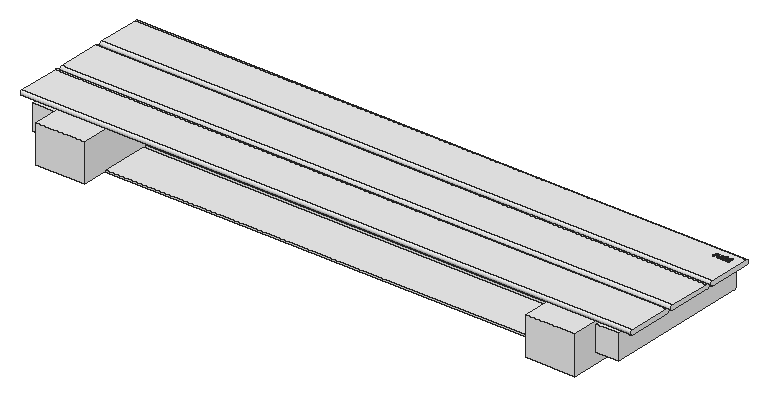
Revit family "Runtal-EB3-120D-120-Volts-36", category Mechanical Equipment, host Face, Revit 2026 (continued)
Definition of nested family "Family Grilles"
  Lines and regions (mm)
    model lines
      curve 454: circle (330.2, 19.05, 0) r 1.27 normal (0, 0, 1)
      curve 455: circle (330.2, 10.16, 0) r 1.27 normal (0, 0, 1)
      curve 456: circle (330.2, 1.27, 0) r 1.27 normal (0, 0, 1)
      curve 457: circle (335.28, 19.05, 0) r 1.27 normal (0, 0, 1)
      curve 458: circle (335.28, 10.16, 0) r 1.27 normal (0, 0, 1)
      curve 459: circle (335.28, 1.27, 0) r 1.27 normal (0, 0, 1)
      curve 460: circle (340.36, 19.05, 0) r 1.27 normal (0, 0, 1)
      curve 461: circle (340.36, 10.16, 0) r 1.27 normal (0, 0, 1)
      curve 462: circle (340.36, 1.27, 0) r 1.27 normal (0, 0, 1)
      curve 463: circle (345.44, 19.05, 0) r 1.27 normal (0, 0, 1)
      curve 464: circle (345.44, 10.16, 0) r 1.27 normal (0, 0, 1)
      curve 465: circle (345.44, 1.27, 0) r 1.27 normal (0, 0, 1)
      curve 466: circle (350.52, 19.05, 0) r 1.27 normal (0, 0, 1)
      curve 467: circle (350.52, 10.16, 0) r 1.27 normal (0, 0, 1)
      curve 468: circle (350.52, 1.27, 0) r 1.27 normal (0, 0, 1)
      curve 469: circle (355.6, 19.05, 0) r 1.27 normal (0, 0, 1)
      curve 470: circle (355.6, 10.16, 0) r 1.27 normal (0, 0, 1)
      curve 471: circle (355.6, 1.27, 0) r 1.27 normal (0, 0, 1)
      curve 472: circle (360.68, 19.05, 0) r 1.27 normal (0, 0, 1)
      curve 473: circle (360.68, 10.16, 0) r 1.27 normal (0, 0, 1)
      curve 474: circle (360.68, 1.27, 0) r 1.27 normal (0, 0, 1)
      curve 475: circle (365.76, 19.05, 0) r 1.27 normal (0, 0, 1)
      curve 476: circle (365.76, 10.16, 0) r 1.27 normal (0, 0, 1)
      curve 477: circle (365.76, 1.27, 0) r 1.27 normal (0, 0, 1)
      curve 478: circle (370.84, 19.05, 0) r 1.27 normal (0, 0, 1)
      curve 479: circle (370.84, 10.16, 0) r 1.27 normal (0, 0, 1)
      curve 480: circle (370.84, 1.27, 0) r 1.27 normal (0, 0, 1)
      curve 481: circle (375.92, 19.05, 0) r 1.27 normal (0, 0, 1)
      curve 482: circle (375.92, 10.16, 0) r 1.27 normal (0, 0, 1)
      curve 483: circle (375.92, 1.27, 0) r 1.27 normal (0, 0, 1)
      curve 484: circle (381, 19.05, 0) r 1.27 normal (0, 0, 1)
      curve 485: circle (381, 10.16, 0) r 1.27 normal (0, 0, 1)
      curve 486: circle (381, 1.27, 0) r 1.27 normal (0, 0, 1)
      curve 487: circle (386.08, 19.05, 0) r 1.27 normal (0, 0, 1)
      curve 488: circle (386.08, 10.16, 0) r 1.27 normal (0, 0, 1)
      curve 489: circle (386.08, 1.27, 0) r 1.27 normal (0, 0, 1)
      curve 490: circle (391.16, 19.05, 0) r 1.27 normal (0, 0, 1)
      curve 491: circle (391.16, 10.16, 0) r 1.27 normal (0, 0, 1)
      curve 492: circle (391.16, 1.27, 0) r 1.27 normal (0, 0, 1)
      curve 493: circle (396.24, 19.05, 0) r 1.27 normal (0, 0, 1)
      curve 494: circle (396.24, 10.16, 0) r 1.27 normal (0, 0, 1)
      curve 495: circle (396.24, 1.27, 0) r 1.27 normal (0, 0, 1)
      curve 496: circle (401.32, 19.05, 0) r 1.27 normal (0, 0, 1)
      curve 497: circle (401.32, 10.16, 0) r 1.27 normal (0, 0, 1)
      curve 498: circle (401.32, 1.27, 0) r 1.27 normal (0, 0, 1)
      curve 499: circle (406.4, 19.05, 0) r 1.27 normal (0, 0, 1)
      curve 500: circle (406.4, 10.16, 0) r 1.27 normal (0, 0, 1)
      curve 501: circle (406.4, 1.27, 0) r 1.27 normal (0, 0, 1)
      curve 502: circle (411.48, 19.05, 0) r 1.27 normal (0, 0, 1)
      curve 503: circle (411.48, 10.16, 0) r 1.27 normal (0, 0, 1)
      curve 504: circle (411.48, 1.27, 0) r 1.27 normal (0, 0, 1)
      curve 505: circle (416.56, 19.05, 0) r 1.27 normal (0, 0, 1)
      curve 506: circle (416.56, 10.16, 0) r 1.27 normal (0, 0, 1)
      curve 507: circle (416.56, 1.27, 0) r 1.27 normal (0, 0, 1)
      curve 508: circle (421.64, 19.05, 0) r 1.27 normal (0, 0, 1)
      curve 509: circle (421.64, 10.16, 0) r 1.27 normal (0, 0, 1)
      curve 510: circle (421.64, 1.27, 0) r 1.27 normal (0, 0, 1)
      curve 511: circle (426.72, 19.05, 0) r 1.27 normal (0, 0, 1)
      curve 512: circle (426.72, 10.16, 0) r 1.27 normal (0, 0, 1)
      curve 513: circle (426.72, 1.27, 0) r 1.27 normal (0, 0, 1)
    model lines, not visible
      curve 7: circle (2.54, 23.495, 0) r 1.27 normal (0, 0, 1)
      curve 8: circle (2.54, 14.605, 0) r 1.27 normal (0, 0, 1)
      curve 9: circle (2.54, 5.715, 0) r 1.27 normal (0, 0, 1)
      curve 10: circle (5.08, 19.05, 0) r 1.27 normal (0, 0, 1)
      curve 11: circle (5.08, 10.16, 0) r 1.27 normal (0, 0, 1)
      curve 12: circle (5.08, 1.27, 0) r 1.27 normal (0, 0, 1)
    model lines, detail levels fine
      curve 514: line (2.54, 24.765, 0) -> (0, 24.765, 0)
  Dimensions and locks
    "finLength": plane 3 "Center (Left/Right)" to plane 4
    equal spacing: group 1, group 5, group 9, group 10, group 11, group 12, group 13, group 14, group 15, group 16, group 17, group 18, group 19, group 20, group 21, group 22, group 23, group 24, group 25, group 26, group 27, group 28, group 29, group 30, group 31, group 32, group 33, group 34, group 35, group 36, group 37, group 38, group 39, group 40, group 41, group 42, group 43, group 44, group 45, group 46, group 47, group 48, group 49, group 50, group 51, group 52, group 53, group 54, group 55, group 56, group 57, group 58, group 59, group 60, group 61, group 62, group 63, group 64, group 65, group 66, group 67, group 68, group 69, group 70, group 71, group 72, group 73, group 74, group 75, group 76, group 77, group 78, group 79, group 80, group 81, group 82, group 83, group 84, group 85, group 86, group 87, group 88, group 89, group 90, group 91  (x3)
    equal spacing: group 3, group 6, group 7, group 8, group 92, group 93, group 94, group 95, group 96, group 97, group 98, group 99, group 100, group 101, group 102, group 103, group 104, group 105, group 106, group 107, group 108, group 109, group 110, group 111, group 112, group 113, group 114, group 115, group 116, group 117, group 118, group 119, group 120, group 121, group 122, group 123, group 124, group 125, group 126, group 127, group 128, group 129, group 130, group 131, group 132, group 133, group 134, group 135, group 136, group 137, group 138, group 139, group 140, group 141, group 142, group 143, group 144, group 145, group 146, group 147, group 148, group 149, group 150, group 151, group 152, group 153, group 154, group 155, group 156, group 157, group 158, group 159, group 160, group 161, group 162, group 163, group 164, group 165, group 166, group 167, group 168, group 169, group 170, group 171  (x3)
    aligned and locked: plane 2 to Extrusion 1
    aligned and locked: level to Extrusion 1
  Automatic sketch dimensions
    Extrusion 1 sketch curve to Extrusion 1 sketch curve = 2438.400 mm  (x2)
    curve 1 to curve 2 = 0.000 mm
    curve 2 to curve 1 = 8.890 mm
    curve 3 to curve 2 = 0.000 mm
    curve 3 to curve 2 = 8.890 mm
    curve 7 to curve 8 = 0.000 mm
    curve 8 to curve 7 = 8.890 mm
    curve 9 to curve 8 = 0.000 mm
    curve 9 to curve 8 = 8.890 mm
    curve 4 to curve 5 = 0.000 mm
    curve 5 to curve 4 = 8.890 mm
    curve 6 to curve 5 = 0.000 mm
    curve 6 to curve 5 = 8.890 mm
    curve 10 to curve 11 = 0.000 mm
    curve 11 to curve 10 = 8.890 mm
    curve 12 to curve 11 = 0.000 mm
    curve 12 to curve 11 = 8.890 mm
    curve 13 to curve 14 = 0.000 mm
    curve 14 to curve 13 = 8.890 mm
    curve 15 to curve 14 = 0.000 mm
    curve 15 to curve 14 = 8.890 mm
    curve 16 to curve 17 = 0.000 mm
    curve 17 to curve 16 = 8.890 mm
    curve 18 to curve 17 = 0.000 mm
    curve 18 to curve 17 = 8.890 mm
    curve 19 to curve 20 = 0.000 mm
    curve 20 to curve 19 = 8.890 mm
    curve 21 to curve 20 = 0.000 mm
    curve 21 to curve 20 = 8.890 mm
    curve 22 to curve 23 = 0.000 mm
    curve 23 to curve 22 = 8.890 mm
    curve 24 to curve 23 = 0.000 mm
    curve 24 to curve 23 = 8.890 mm
    curve 25 to curve 26 = 0.000 mm
    curve 26 to curve 25 = 8.890 mm
    curve 27 to curve 26 = 0.000 mm
    curve 27 to curve 26 = 8.890 mm
    curve 28 to curve 29 = 0.000 mm
    curve 29 to curve 28 = 8.890 mm
    curve 30 to curve 29 = 0.000 mm
    curve 30 to curve 29 = 8.890 mm
    curve 31 to curve 32 = 0.000 mm
    curve 32 to curve 31 = 8.890 mm
    curve 33 to curve 32 = 0.000 mm
    curve 33 to curve 32 = 8.890 mm
    curve 34 to curve 35 = 0.000 mm
    curve 35 to curve 34 = 8.890 mm
    curve 36 to curve 35 = 0.000 mm
    curve 36 to curve 35 = 8.890 mm
    curve 37 to curve 38 = 0.000 mm
    curve 38 to curve 37 = 8.890 mm
    curve 39 to curve 38 = 0.000 mm
    curve 39 to curve 38 = 8.890 mm
    curve 40 to curve 41 = 0.000 mm
    curve 41 to curve 40 = 8.890 mm
    curve 42 to curve 41 = 0.000 mm
    curve 42 to curve 41 = 8.890 mm
    curve 43 to curve 44 = 0.000 mm
    curve 44 to curve 43 = 8.890 mm
    curve 45 to curve 44 = 0.000 mm
    curve 45 to curve 44 = 8.890 mm
    curve 46 to curve 47 = 0.000 mm
    curve 47 to curve 46 = 8.890 mm
    curve 48 to curve 47 = 0.000 mm
    curve 48 to curve 47 = 8.890 mm
    curve 49 to curve 50 = 0.000 mm
    curve 50 to curve 49 = 8.890 mm
    curve 51 to curve 50 = 0.000 mm
    curve 51 to curve 50 = 8.890 mm
    curve 52 to curve 53 = 0.000 mm
    curve 53 to curve 52 = 8.890 mm
    curve 54 to curve 53 = 0.000 mm
    curve 54 to curve 53 = 8.890 mm
    curve 55 to curve 56 = 0.000 mm
    curve 56 to curve 55 = 8.890 mm
    curve 57 to curve 56 = 0.000 mm
    curve 57 to curve 56 = 8.890 mm
    curve 58 to curve 59 = 0.000 mm
    curve 59 to curve 58 = 8.890 mm
    curve 60 to curve 59 = 0.000 mm
    curve 60 to curve 59 = 8.890 mm
    curve 61 to curve 62 = 0.000 mm
    curve 62 to curve 61 = 8.890 mm
    curve 63 to curve 62 = 0.000 mm
    curve 63 to curve 62 = 8.890 mm
    curve 64 to curve 65 = 0.000 mm
    curve 65 to curve 64 = 8.890 mm
    curve 66 to curve 65 = 0.000 mm
    curve 66 to curve 65 = 8.890 mm
    curve 67 to curve 68 = 0.000 mm
    curve 68 to curve 67 = 8.890 mm
    curve 69 to curve 68 = 0.000 mm
    curve 69 to curve 68 = 8.890 mm
    curve 70 to curve 71 = 0.000 mm
    curve 71 to curve 70 = 8.890 mm
    curve 72 to curve 71 = 0.000 mm
    curve 72 to curve 71 = 8.890 mm
    curve 73 to curve 74 = 0.000 mm
    curve 74 to curve 73 = 8.890 mm
    curve 75 to curve 74 = 0.000 mm
    curve 75 to curve 74 = 8.890 mm
    curve 76 to curve 77 = 0.000 mm
    curve 77 to curve 76 = 8.890 mm
    curve 78 to curve 77 = 0.000 mm
    curve 78 to curve 77 = 8.890 mm
    curve 79 to curve 80 = 0.000 mm
    curve 80 to curve 79 = 8.890 mm
    curve 81 to curve 80 = 0.000 mm
    curve 81 to curve 80 = 8.890 mm
    curve 82 to curve 83 = 0.000 mm
    curve 83 to curve 82 = 8.890 mm
    curve 84 to curve 83 = 0.000 mm
    curve 84 to curve 83 = 8.890 mm
    curve 85 to curve 86 = 0.000 mm
    curve 86 to curve 85 = 8.890 mm
    curve 87 to curve 86 = 0.000 mm
    curve 87 to curve 86 = 8.890 mm
    curve 88 to curve 89 = 0.000 mm
    curve 89 to curve 88 = 8.890 mm
    curve 90 to curve 89 = 0.000 mm
    curve 90 to curve 89 = 8.890 mm
    curve 91 to curve 92 = 0.000 mm
    curve 92 to curve 91 = 8.890 mm
    curve 93 to curve 92 = 0.000 mm
    curve 93 to curve 92 = 8.890 mm
    curve 94 to curve 95 = 0.000 mm
    curve 95 to curve 94 = 8.890 mm
    curve 96 to curve 95 = 0.000 mm
    curve 96 to curve 95 = 8.890 mm
    curve 97 to curve 98 = 0.000 mm
    curve 98 to curve 97 = 8.890 mm
    curve 99 to curve 98 = 0.000 mm
    curve 99 to curve 98 = 8.890 mm
    curve 100 to curve 101 = 0.000 mm
    curve 101 to curve 100 = 8.890 mm
    curve 102 to curve 101 = 0.000 mm
    curve 102 to curve 101 = 8.890 mm
    curve 103 to curve 104 = 0.000 mm
    curve 104 to curve 103 = 8.890 mm
    curve 105 to curve 104 = 0.000 mm
    curve 105 to curve 104 = 8.890 mm
    curve 106 to curve 107 = 0.000 mm
    curve 107 to curve 106 = 8.890 mm
    curve 108 to curve 107 = 0.000 mm
    curve 108 to curve 107 = 8.890 mm
    curve 109 to curve 110 = 0.000 mm
    curve 110 to curve 109 = 8.890 mm
    curve 111 to curve 110 = 0.000 mm
    curve 111 to curve 110 = 8.890 mm
    curve 112 to curve 113 = 0.000 mm
    curve 113 to curve 112 = 8.890 mm
    curve 114 to curve 113 = 0.000 mm
    curve 114 to curve 113 = 8.890 mm
    curve 115 to curve 116 = 0.000 mm
    curve 116 to curve 115 = 8.890 mm
    curve 117 to curve 116 = 0.000 mm
    curve 117 to curve 116 = 8.890 mm
    curve 118 to curve 119 = 0.000 mm
    curve 119 to curve 118 = 8.890 mm
    curve 120 to curve 119 = 0.000 mm
    curve 120 to curve 119 = 8.890 mm
    curve 121 to curve 122 = 0.000 mm
    curve 122 to curve 121 = 8.890 mm
    curve 123 to curve 122 = 0.000 mm
    curve 123 to curve 122 = 8.890 mm
    curve 124 to curve 125 = 0.000 mm
    curve 125 to curve 124 = 8.890 mm
    curve 126 to curve 125 = 0.000 mm
    curve 126 to curve 125 = 8.890 mm
    curve 127 to curve 128 = 0.000 mm
    curve 128 to curve 127 = 8.890 mm
    curve 129 to curve 128 = 0.000 mm
    curve 129 to curve 128 = 8.890 mm
    curve 130 to curve 131 = 0.000 mm
    curve 131 to curve 130 = 8.890 mm
    curve 132 to curve 131 = 0.000 mm
    curve 132 to curve 131 = 8.890 mm
    curve 133 to curve 134 = 0.000 mm
    curve 134 to curve 133 = 8.890 mm
    curve 135 to curve 134 = 0.000 mm
    curve 135 to curve 134 = 8.890 mm
    curve 136 to curve 137 = 0.000 mm
    curve 137 to curve 136 = 8.890 mm
    curve 138 to curve 137 = 0.000 mm
    curve 138 to curve 137 = 8.890 mm
    curve 139 to curve 140 = 0.000 mm
    curve 140 to curve 139 = 8.890 mm
    curve 141 to curve 140 = 0.000 mm
    curve 141 to curve 140 = 8.890 mm
    curve 142 to curve 143 = 0.000 mm
    curve 143 to curve 142 = 8.890 mm
    curve 144 to curve 143 = 0.000 mm
    curve 144 to curve 143 = 8.890 mm
    curve 145 to curve 146 = 0.000 mm
    curve 146 to curve 145 = 8.890 mm
    curve 147 to curve 146 = 0.000 mm
    curve 147 to curve 146 = 8.890 mm
    curve 148 to curve 149 = 0.000 mm
    curve 149 to curve 148 = 8.890 mm
    curve 150 to curve 149 = 0.000 mm
    curve 150 to curve 149 = 8.890 mm
    curve 151 to curve 152 = 0.000 mm
    curve 152 to curve 151 = 8.890 mm
    curve 153 to curve 152 = 0.000 mm
    curve 153 to curve 152 = 8.890 mm
    curve 154 to curve 155 = 0.000 mm
    curve 155 to curve 154 = 8.890 mm
    curve 156 to curve 155 = 0.000 mm
    curve 156 to curve 155 = 8.890 mm
    curve 157 to curve 158 = 0.000 mm
    curve 158 to curve 157 = 8.890 mm
    curve 159 to curve 158 = 0.000 mm
    curve 159 to curve 158 = 8.890 mm
    curve 160 to curve 161 = 0.000 mm
    curve 161 to curve 160 = 8.890 mm
    curve 162 to curve 161 = 0.000 mm
    curve 162 to curve 161 = 8.890 mm
    curve 163 to curve 164 = 0.000 mm
    curve 164 to curve 163 = 8.890 mm
    curve 165 to curve 164 = 0.000 mm
    curve 165 to curve 164 = 8.890 mm
    curve 166 to curve 167 = 0.000 mm
    curve 167 to curve 166 = 8.890 mm
    curve 168 to curve 167 = 0.000 mm
    curve 168 to curve 167 = 8.890 mm
    curve 169 to curve 170 = 0.000 mm
    curve 170 to curve 169 = 8.890 mm
    curve 171 to curve 170 = 0.000 mm
    curve 171 to curve 170 = 8.890 mm
    curve 172 to curve 173 = 0.000 mm
    curve 173 to curve 172 = 8.890 mm
    curve 174 to curve 173 = 0.000 mm
    curve 174 to curve 173 = 8.890 mm
    curve 175 to curve 176 = 0.000 mm
    curve 176 to curve 175 = 8.890 mm
    curve 177 to curve 176 = 0.000 mm
    curve 177 to curve 176 = 8.890 mm
    curve 178 to curve 179 = 0.000 mm
    curve 179 to curve 178 = 8.890 mm
    curve 180 to curve 179 = 0.000 mm
    curve 180 to curve 179 = 8.890 mm
    curve 181 to curve 182 = 0.000 mm
    curve 182 to curve 181 = 8.890 mm
    curve 183 to curve 182 = 0.000 mm
    curve 183 to curve 182 = 8.890 mm
    curve 184 to curve 185 = 0.000 mm
    curve 185 to curve 184 = 8.890 mm
    curve 186 to curve 185 = 0.000 mm
    curve 186 to curve 185 = 8.890 mm
    curve 187 to curve 188 = 0.000 mm
    curve 188 to curve 187 = 8.890 mm
    curve 189 to curve 188 = 0.000 mm
    curve 189 to curve 188 = 8.890 mm
    curve 190 to curve 191 = 0.000 mm
    curve 191 to curve 190 = 8.890 mm
    curve 192 to curve 191 = 0.000 mm
    curve 192 to curve 191 = 8.890 mm
    curve 193 to curve 194 = 0.000 mm
    curve 194 to curve 193 = 8.890 mm
    curve 195 to curve 194 = 0.000 mm
    curve 195 to curve 194 = 8.890 mm
    curve 196 to curve 197 = 0.000 mm
    curve 197 to curve 196 = 8.890 mm
    curve 198 to curve 197 = 0.000 mm
    curve 198 to curve 197 = 8.890 mm
    curve 199 to curve 200 = 0.000 mm
    curve 200 to curve 199 = 8.890 mm
    curve 201 to curve 200 = 0.000 mm
    curve 201 to curve 200 = 8.890 mm
    curve 202 to curve 203 = 0.000 mm
    curve 203 to curve 202 = 8.890 mm
    curve 204 to curve 203 = 0.000 mm
    curve 204 to curve 203 = 8.890 mm
    curve 205 to curve 206 = 0.000 mm
    curve 206 to curve 205 = 8.890 mm
    curve 207 to curve 206 = 0.000 mm
    curve 207 to curve 206 = 8.890 mm
    curve 208 to curve 209 = 0.000 mm
    curve 209 to curve 208 = 8.890 mm
    curve 210 to curve 209 = 0.000 mm
    curve 210 to curve 209 = 8.890 mm
    curve 211 to curve 212 = 0.000 mm
    curve 212 to curve 211 = 8.890 mm
    curve 213 to curve 212 = 0.000 mm
    curve 213 to curve 212 = 8.890 mm
    curve 214 to curve 215 = 0.000 mm
    curve 215 to curve 214 = 8.890 mm
    curve 216 to curve 215 = 0.000 mm
    curve 216 to curve 215 = 8.890 mm
    curve 217 to curve 218 = 0.000 mm
    curve 218 to curve 217 = 8.890 mm
    curve 219 to curve 218 = 0.000 mm
    curve 219 to curve 218 = 8.890 mm
    curve 220 to curve 221 = 0.000 mm
    curve 221 to curve 220 = 8.890 mm
    curve 222 to curve 221 = 0.000 mm
    curve 222 to curve 221 = 8.890 mm
    curve 223 to curve 224 = 0.000 mm
    curve 224 to curve 223 = 8.890 mm
    curve 225 to curve 224 = 0.000 mm
    curve 225 to curve 224 = 8.890 mm
    curve 226 to curve 227 = 0.000 mm
    curve 227 to curve 226 = 8.890 mm
    curve 228 to curve 227 = 0.000 mm
    curve 228 to curve 227 = 8.890 mm
    curve 229 to curve 230 = 0.000 mm
    curve 230 to curve 229 = 8.890 mm
    curve 231 to curve 230 = 0.000 mm
    curve 231 to curve 230 = 8.890 mm
    curve 232 to curve 233 = 0.000 mm
    curve 233 to curve 232 = 8.890 mm
    curve 234 to curve 233 = 0.000 mm
    curve 234 to curve 233 = 8.890 mm
    curve 235 to curve 236 = 0.000 mm
    curve 236 to curve 235 = 8.890 mm
    curve 237 to curve 236 = 0.000 mm
    curve 237 to curve 236 = 8.890 mm
    curve 238 to curve 239 = 0.000 mm
    curve 239 to curve 238 = 8.890 mm
    curve 240 to curve 239 = 0.000 mm
    curve 240 to curve 239 = 8.890 mm
    curve 241 to curve 242 = 0.000 mm
    curve 242 to curve 241 = 8.890 mm
    curve 243 to curve 242 = 0.000 mm
    curve 243 to curve 242 = 8.890 mm
    curve 244 to curve 245 = 0.000 mm
    curve 245 to curve 244 = 8.890 mm
    curve 246 to curve 245 = 0.000 mm
    curve 246 to curve 245 = 8.890 mm
    curve 247 to curve 248 = 0.000 mm
    curve 248 to curve 247 = 8.890 mm
    curve 249 to curve 248 = 0.000 mm
    curve 249 to curve 248 = 8.890 mm
    curve 250 to curve 251 = 0.000 mm
    curve 251 to curve 250 = 8.890 mm
    curve 252 to curve 251 = 0.000 mm
    curve 252 to curve 251 = 8.890 mm
    curve 253 to curve 254 = 0.000 mm
    curve 254 to curve 253 = 8.890 mm
    curve 255 to curve 254 = 0.000 mm
    curve 255 to curve 254 = 8.890 mm
    curve 256 to curve 257 = 0.000 mm
    curve 257 to curve 256 = 8.890 mm
    curve 258 to curve 257 = 0.000 mm
    curve 258 to curve 257 = 8.890 mm
    curve 259 to curve 260 = 0.000 mm
    curve 260 to curve 259 = 8.890 mm
    curve 261 to curve 260 = 0.000 mm
    curve 261 to curve 260 = 8.890 mm
    curve 262 to curve 263 = 0.000 mm
    curve 263 to curve 262 = 8.890 mm
    curve 264 to curve 263 = 0.000 mm
    curve 264 to curve 263 = 8.890 mm
    curve 265 to curve 266 = 0.000 mm
    curve 266 to curve 265 = 8.890 mm
    curve 267 to curve 266 = 0.000 mm
    curve 267 to curve 266 = 8.890 mm
    curve 268 to curve 269 = 0.000 mm
    curve 269 to curve 268 = 8.890 mm
    curve 270 to curve 269 = 0.000 mm
    curve 270 to curve 269 = 8.890 mm
    curve 271 to curve 272 = 0.000 mm
    curve 272 to curve 271 = 8.890 mm
    curve 273 to curve 272 = 0.000 mm
    curve 273 to curve 272 = 8.890 mm
    curve 274 to curve 275 = 0.000 mm
    curve 275 to curve 274 = 8.890 mm
    curve 276 to curve 275 = 0.000 mm
    curve 276 to curve 275 = 8.890 mm
    curve 277 to curve 278 = 0.000 mm
    curve 278 to curve 277 = 8.890 mm
    curve 279 to curve 278 = 0.000 mm
    curve 279 to curve 278 = 8.890 mm
    curve 280 to curve 281 = 0.000 mm
    curve 281 to curve 280 = 8.890 mm
    curve 282 to curve 281 = 0.000 mm
    curve 282 to curve 281 = 8.890 mm
    curve 283 to curve 284 = 0.000 mm
    curve 284 to curve 283 = 8.890 mm
    curve 285 to curve 284 = 0.000 mm
    curve 285 to curve 284 = 8.890 mm
    curve 286 to curve 287 = 0.000 mm
    curve 287 to curve 286 = 8.890 mm
    curve 288 to curve 287 = 0.000 mm
    curve 288 to curve 287 = 8.890 mm
    curve 289 to curve 290 = 0.000 mm
    curve 290 to curve 289 = 8.890 mm
    curve 291 to curve 290 = 0.000 mm
    curve 291 to curve 290 = 8.890 mm
    curve 292 to curve 293 = 0.000 mm
    curve 293 to curve 292 = 8.890 mm
    curve 294 to curve 293 = 0.000 mm
    curve 294 to curve 293 = 8.890 mm
    curve 295 to curve 296 = 0.000 mm
    curve 296 to curve 295 = 8.890 mm
    curve 297 to curve 296 = 0.000 mm
    curve 297 to curve 296 = 8.890 mm
    curve 298 to curve 299 = 0.000 mm
    curve 299 to curve 298 = 8.890 mm
    curve 300 to curve 299 = 0.000 mm
    curve 300 to curve 299 = 8.890 mm
    curve 301 to curve 302 = 0.000 mm
    curve 302 to curve 301 = 8.890 mm
    curve 303 to curve 302 = 0.000 mm
    curve 303 to curve 302 = 8.890 mm
    curve 304 to curve 305 = 0.000 mm
    curve 305 to curve 304 = 8.890 mm
    curve 306 to curve 305 = 0.000 mm
    curve 306 to curve 305 = 8.890 mm
    curve 307 to curve 308 = 0.000 mm
    curve 308 to curve 307 = 8.890 mm
    curve 309 to curve 308 = 0.000 mm
    curve 309 to curve 308 = 8.890 mm
    curve 310 to curve 311 = 0.000 mm
    curve 311 to curve 310 = 8.890 mm
    curve 312 to curve 311 = 0.000 mm
    curve 312 to curve 311 = 8.890 mm
    curve 313 to curve 314 = 0.000 mm
    curve 314 to curve 313 = 8.890 mm
    curve 315 to curve 314 = 0.000 mm
    curve 315 to curve 314 = 8.890 mm
    curve 316 to curve 317 = 0.000 mm
    curve 317 to curve 316 = 8.890 mm
    curve 318 to curve 317 = 0.000 mm
    curve 318 to curve 317 = 8.890 mm
    curve 319 to curve 320 = 0.000 mm
    curve 320 to curve 319 = 8.890 mm
    curve 321 to curve 320 = 0.000 mm
    curve 321 to curve 320 = 8.890 mm
    curve 322 to curve 323 = 0.000 mm
    curve 323 to curve 322 = 8.890 mm
    curve 324 to curve 323 = 0.000 mm
    curve 324 to curve 323 = 8.890 mm
    curve 325 to curve 326 = 0.000 mm
    curve 326 to curve 325 = 8.890 mm
    curve 327 to curve 326 = 0.000 mm
    curve 327 to curve 326 = 8.890 mm
    curve 328 to curve 329 = 0.000 mm
    curve 329 to curve 328 = 8.890 mm
    curve 330 to curve 329 = 0.000 mm
    curve 330 to curve 329 = 8.890 mm
    curve 331 to curve 332 = 0.000 mm
    curve 332 to curve 331 = 8.890 mm
    curve 333 to curve 332 = 0.000 mm
    curve 333 to curve 332 = 8.890 mm
    curve 334 to curve 335 = 0.000 mm
    curve 335 to curve 334 = 8.890 mm
    curve 336 to curve 335 = 0.000 mm
    curve 336 to curve 335 = 8.890 mm
    curve 337 to curve 338 = 0.000 mm
    curve 338 to curve 337 = 8.890 mm
    curve 339 to curve 338 = 0.000 mm
    curve 339 to curve 338 = 8.890 mm
    curve 340 to curve 341 = 0.000 mm
    curve 341 to curve 340 = 8.890 mm
    curve 342 to curve 341 = 0.000 mm
    curve 342 to curve 341 = 8.890 mm
    curve 343 to curve 344 = 0.000 mm
    curve 344 to curve 343 = 8.890 mm
    curve 345 to curve 344 = 0.000 mm
    curve 345 to curve 344 = 8.890 mm
    curve 346 to curve 347 = 0.000 mm
    curve 347 to curve 346 = 8.890 mm
    curve 348 to curve 347 = 0.000 mm
    curve 348 to curve 347 = 8.890 mm
    curve 349 to curve 350 = 0.000 mm
    curve 350 to curve 349 = 8.890 mm
    curve 351 to curve 350 = 0.000 mm
    curve 351 to curve 350 = 8.890 mm
    curve 352 to curve 353 = 0.000 mm
    curve 353 to curve 352 = 8.890 mm
    curve 354 to curve 353 = 0.000 mm
    curve 354 to curve 353 = 8.890 mm
    curve 355 to curve 356 = 0.000 mm
    curve 356 to curve 355 = 8.890 mm
    curve 357 to curve 356 = 0.000 mm
    curve 357 to curve 356 = 8.890 mm
    curve 358 to curve 359 = 0.000 mm
    curve 359 to curve 358 = 8.890 mm
    curve 360 to curve 359 = 0.000 mm
    curve 360 to curve 359 = 8.890 mm
    curve 361 to curve 362 = 0.000 mm
    curve 362 to curve 361 = 8.890 mm
    curve 363 to curve 362 = 0.000 mm
    curve 363 to curve 362 = 8.890 mm
    curve 364 to curve 365 = 0.000 mm
    curve 365 to curve 364 = 8.890 mm
    curve 366 to curve 365 = 0.000 mm
    curve 366 to curve 365 = 8.890 mm
    curve 367 to curve 368 = 0.000 mm
    curve 368 to curve 367 = 8.890 mm
    curve 369 to curve 368 = 0.000 mm
    curve 369 to curve 368 = 8.890 mm
    curve 370 to curve 371 = 0.000 mm
    curve 371 to curve 370 = 8.890 mm
    curve 372 to curve 371 = 0.000 mm
    curve 372 to curve 371 = 8.890 mm
    curve 373 to curve 374 = 0.000 mm
    curve 374 to curve 373 = 8.890 mm
    curve 375 to curve 374 = 0.000 mm
    curve 375 to curve 374 = 8.890 mm
    curve 376 to curve 377 = 0.000 mm
    curve 377 to curve 376 = 8.890 mm
    curve 378 to curve 377 = 0.000 mm
    curve 378 to curve 377 = 8.890 mm
    curve 379 to curve 380 = 0.000 mm
    curve 380 to curve 379 = 8.890 mm
    curve 381 to curve 380 = 0.000 mm
    curve 381 to curve 380 = 8.890 mm
    curve 382 to curve 383 = 0.000 mm
    curve 383 to curve 382 = 8.890 mm
    curve 384 to curve 383 = 0.000 mm
    curve 384 to curve 383 = 8.890 mm
    curve 385 to curve 386 = 0.000 mm
    curve 386 to curve 385 = 8.890 mm
    curve 387 to curve 386 = 0.000 mm
    curve 387 to curve 386 = 8.890 mm
    curve 388 to curve 389 = 0.000 mm
    curve 389 to curve 388 = 8.890 mm
    curve 390 to curve 389 = 0.000 mm
    curve 390 to curve 389 = 8.890 mm
    curve 391 to curve 392 = 0.000 mm
    curve 392 to curve 391 = 8.890 mm
    curve 393 to curve 392 = 0.000 mm
    curve 393 to curve 392 = 8.890 mm
    curve 394 to curve 395 = 0.000 mm
    curve 395 to curve 394 = 8.890 mm
    curve 396 to curve 395 = 0.000 mm
    curve 396 to curve 395 = 8.890 mm
    curve 397 to curve 398 = 0.000 mm
    curve 398 to curve 397 = 8.890 mm
    curve 399 to curve 398 = 0.000 mm
    curve 399 to curve 398 = 8.890 mm
    curve 400 to curve 401 = 0.000 mm
    curve 401 to curve 400 = 8.890 mm
    curve 402 to curve 401 = 0.000 mm
    curve 402 to curve 401 = 8.890 mm
    curve 403 to curve 404 = 0.000 mm
    curve 404 to curve 403 = 8.890 mm
    curve 405 to curve 404 = 0.000 mm
    curve 405 to curve 404 = 8.890 mm
    curve 406 to curve 407 = 0.000 mm
    curve 407 to curve 406 = 8.890 mm
    curve 408 to curve 407 = 0.000 mm
    curve 408 to curve 407 = 8.890 mm
    curve 409 to curve 410 = 0.000 mm
    curve 410 to curve 409 = 8.890 mm
    curve 411 to curve 410 = 0.000 mm
    curve 411 to curve 410 = 8.890 mm
    curve 412 to curve 413 = 0.000 mm
    curve 413 to curve 412 = 8.890 mm
    curve 414 to curve 413 = 0.000 mm
    curve 414 to curve 413 = 8.890 mm
    curve 415 to curve 416 = 0.000 mm
    curve 416 to curve 415 = 8.890 mm
    curve 417 to curve 416 = 0.000 mm
    curve 417 to curve 416 = 8.890 mm
    curve 418 to curve 419 = 0.000 mm
    curve 419 to curve 418 = 8.890 mm
    curve 420 to curve 419 = 0.000 mm
    curve 420 to curve 419 = 8.890 mm
    curve 421 to curve 422 = 0.000 mm
    curve 422 to curve 421 = 8.890 mm
    curve 423 to curve 422 = 0.000 mm
    curve 423 to curve 422 = 8.890 mm
    curve 424 to curve 425 = 0.000 mm
    curve 425 to curve 424 = 8.890 mm
    curve 426 to curve 425 = 0.000 mm
    curve 426 to curve 425 = 8.890 mm
    curve 427 to curve 428 = 0.000 mm
    curve 428 to curve 427 = 8.890 mm
    curve 429 to curve 428 = 0.000 mm
    curve 429 to curve 428 = 8.890 mm
    curve 430 to curve 431 = 0.000 mm
    curve 431 to curve 430 = 8.890 mm
    curve 432 to curve 431 = 0.000 mm
    curve 432 to curve 431 = 8.890 mm
    curve 433 to curve 434 = 0.000 mm
    curve 434 to curve 433 = 8.890 mm
    curve 435 to curve 434 = 0.000 mm
    curve 435 to curve 434 = 8.890 mm
    curve 436 to curve 437 = 0.000 mm
    curve 437 to curve 436 = 8.890 mm
    curve 438 to curve 437 = 0.000 mm
    curve 438 to curve 437 = 8.890 mm
    curve 439 to curve 440 = 0.000 mm
    curve 440 to curve 439 = 8.890 mm
    curve 441 to curve 440 = 0.000 mm
    curve 441 to curve 440 = 8.890 mm
    curve 442 to curve 443 = 0.000 mm
    curve 443 to curve 442 = 8.890 mm
    curve 444 to curve 443 = 0.000 mm
    curve 444 to curve 443 = 8.890 mm
    curve 445 to curve 446 = 0.000 mm
    curve 446 to curve 445 = 8.890 mm
    curve 447 to curve 446 = 0.000 mm
    curve 447 to curve 446 = 8.890 mm
    curve 448 to curve 449 = 0.000 mm
    curve 449 to curve 448 = 8.890 mm
    curve 450 to curve 449 = 0.000 mm
    curve 450 to curve 449 = 8.890 mm
    curve 451 to curve 452 = 0.000 mm
    curve 452 to curve 451 = 8.890 mm
    curve 453 to curve 452 = 0.000 mm
    curve 453 to curve 452 = 8.890 mm
    curve 454 to curve 455 = 0.000 mm
    curve 455 to curve 454 = 8.890 mm
    curve 456 to curve 455 = 0.000 mm
    curve 456 to curve 455 = 8.890 mm
    curve 457 to curve 458 = 0.000 mm
    curve 458 to curve 457 = 8.890 mm
    curve 459 to curve 458 = 0.000 mm
    curve 459 to curve 458 = 8.890 mm
    curve 460 to curve 461 = 0.000 mm
    curve 461 to curve 460 = 8.890 mm
    curve 462 to curve 461 = 0.000 mm
    curve 462 to curve 461 = 8.890 mm
    curve 463 to curve 464 = 0.000 mm
    curve 464 to curve 463 = 8.890 mm
    curve 465 to curve 464 = 0.000 mm
    curve 465 to curve 464 = 8.890 mm
    curve 466 to curve 467 = 0.000 mm
    curve 467 to curve 466 = 8.890 mm
    curve 468 to curve 467 = 0.000 mm
    curve 468 to curve 467 = 8.890 mm
    curve 469 to curve 470 = 0.000 mm
    curve 470 to curve 469 = 8.890 mm
    curve 471 to curve 470 = 0.000 mm
    curve 471 to curve 470 = 8.890 mm
    curve 472 to curve 473 = 0.000 mm
    curve 473 to curve 472 = 8.890 mm
    curve 474 to curve 473 = 0.000 mm
    curve 474 to curve 473 = 8.890 mm
    curve 475 to curve 476 = 0.000 mm
    curve 476 to curve 475 = 8.890 mm
    curve 477 to curve 476 = 0.000 mm
    curve 477 to curve 476 = 8.890 mm
    curve 478 to curve 479 = 0.000 mm
    curve 479 to curve 478 = 8.890 mm
    curve 480 to curve 479 = 0.000 mm
    curve 480 to curve 479 = 8.890 mm
    curve 481 to curve 482 = 0.000 mm
    curve 482 to curve 481 = 8.890 mm
    curve 483 to curve 482 = 0.000 mm
    curve 483 to curve 482 = 8.890 mm
    curve 484 to curve 485 = 0.000 mm
    curve 485 to curve 484 = 8.890 mm
    curve 486 to curve 485 = 0.000 mm
    curve 486 to curve 485 = 8.890 mm
    curve 487 to curve 488 = 0.000 mm
    curve 488 to curve 487 = 8.890 mm
    curve 489 to curve 488 = 0.000 mm
    curve 489 to curve 488 = 8.890 mm
    curve 490 to curve 491 = 0.000 mm
    curve 491 to curve 490 = 8.890 mm
    curve 492 to curve 491 = 0.000 mm
    curve 492 to curve 491 = 8.890 mm
    curve 493 to curve 494 = 0.000 mm
    curve 494 to curve 493 = 8.890 mm
    curve 495 to curve 494 = 0.000 mm
    curve 495 to curve 494 = 8.890 mm
    curve 496 to curve 497 = 0.000 mm
    curve 497 to curve 496 = 8.890 mm
    curve 498 to curve 497 = 0.000 mm
    curve 498 to curve 497 = 8.890 mm
    curve 499 to curve 500 = 0.000 mm
    curve 500 to curve 499 = 8.890 mm
    curve 501 to curve 500 = 0.000 mm
    curve 501 to curve 500 = 8.890 mm
    curve 502 to curve 503 = 0.000 mm
    curve 503 to curve 502 = 8.890 mm
    curve 504 to curve 503 = 0.000 mm
    curve 504 to curve 503 = 8.890 mm
    curve 505 to curve 506 = 0.000 mm
    curve 506 to curve 505 = 8.890 mm
    curve 507 to curve 506 = 0.000 mm
    curve 507 to curve 506 = 8.890 mm
    curve 508 to curve 509 = 0.000 mm
    curve 509 to curve 508 = 8.890 mm
    curve 510 to curve 509 = 0.000 mm
    curve 510 to curve 509 = 8.890 mm
    curve 511 to curve 512 = 0.000 mm
    curve 512 to curve 511 = 8.890 mm
    curve 513 to curve 512 = 0.000 mm
    curve 513 to curve 512 = 8.890 mm
    curve 514 to plane 3 "Center (Left/Right)" = 0.000 mm
    plane 3 "Center (Left/Right)" to curve 514 = 2.540 mm
    curve 514 to plane 1 "Center (Front/Back)" = 24.765 mm
    radius of curve 1 = 1.270 mm
    radius of curve 2 = 1.270 mm
    radius of curve 3 = 1.270 mm
    radius of curve 7 = 1.270 mm
    radius of curve 8 = 1.270 mm
    radius of curve 9 = 1.270 mm
    radius of curve 4 = 1.270 mm
    radius of curve 5 = 1.270 mm
    radius of curve 6 = 1.270 mm
    radius of curve 10 = 1.270 mm
    radius of curve 11 = 1.270 mm
    radius of curve 12 = 1.270 mm
    radius of curve 13 = 1.270 mm
    radius of curve 14 = 1.270 mm
    radius of curve 15 = 1.270 mm
    radius of curve 16 = 1.270 mm
    radius of curve 17 = 1.270 mm
    radius of curve 18 = 1.270 mm
    radius of curve 19 = 1.270 mm
    radius of curve 20 = 1.270 mm
    radius of curve 21 = 1.270 mm
    radius of curve 22 = 1.270 mm
    radius of curve 23 = 1.270 mm
    radius of curve 24 = 1.270 mm
    radius of curve 25 = 1.270 mm
    radius of curve 26 = 1.270 mm
    radius of curve 27 = 1.270 mm
    radius of curve 28 = 1.270 mm
    radius of curve 29 = 1.270 mm
    radius of curve 30 = 1.270 mm
    radius of curve 31 = 1.270 mm
    radius of curve 32 = 1.270 mm
    radius of curve 33 = 1.270 mm
    radius of curve 34 = 1.270 mm
    radius of curve 35 = 1.270 mm
    radius of curve 36 = 1.270 mm
    radius of curve 37 = 1.270 mm
    radius of curve 38 = 1.270 mm
    radius of curve 39 = 1.270 mm
    radius of curve 40 = 1.270 mm
    radius of curve 41 = 1.270 mm
    radius of curve 42 = 1.270 mm
    radius of curve 43 = 1.270 mm
    radius of curve 44 = 1.270 mm
    radius of curve 45 = 1.270 mm
    radius of curve 46 = 1.270 mm
    radius of curve 47 = 1.270 mm
    radius of curve 48 = 1.270 mm
    radius of curve 49 = 1.270 mm
    radius of curve 50 = 1.270 mm
    radius of curve 51 = 1.270 mm
    radius of curve 52 = 1.270 mm
    radius of curve 53 = 1.270 mm
    radius of curve 54 = 1.270 mm
    radius of curve 55 = 1.270 mm
    radius of curve 56 = 1.270 mm
    radius of curve 57 = 1.270 mm
    radius of curve 58 = 1.270 mm
    radius of curve 59 = 1.270 mm
    radius of curve 60 = 1.270 mm
    radius of curve 61 = 1.270 mm
    radius of curve 62 = 1.270 mm
    radius of curve 63 = 1.270 mm
    radius of curve 64 = 1.270 mm
    radius of curve 65 = 1.270 mm
    radius of curve 66 = 1.270 mm
    radius of curve 67 = 1.270 mm
    radius of curve 68 = 1.270 mm
    radius of curve 69 = 1.270 mm
    radius of curve 70 = 1.270 mm
    radius of curve 71 = 1.270 mm
    radius of curve 72 = 1.270 mm
    radius of curve 73 = 1.270 mm
    radius of curve 74 = 1.270 mm
    radius of curve 75 = 1.270 mm
    radius of curve 76 = 1.270 mm
    radius of curve 77 = 1.270 mm
    radius of curve 78 = 1.270 mm
    radius of curve 79 = 1.270 mm
    radius of curve 80 = 1.270 mm
    radius of curve 81 = 1.270 mm
    radius of curve 82 = 1.270 mm
    radius of curve 83 = 1.270 mm
    radius of curve 84 = 1.270 mm
    radius of curve 85 = 1.270 mm
    radius of curve 86 = 1.270 mm
    radius of curve 87 = 1.270 mm
    radius of curve 88 = 1.270 mm
    radius of curve 89 = 1.270 mm
    radius of curve 90 = 1.270 mm
    radius of curve 91 = 1.270 mm
    radius of curve 92 = 1.270 mm
    radius of curve 93 = 1.270 mm
    radius of curve 94 = 1.270 mm
    radius of curve 95 = 1.270 mm
    radius of curve 96 = 1.270 mm
    radius of curve 97 = 1.270 mm
    radius of curve 98 = 1.270 mm
    radius of curve 99 = 1.270 mm
    radius of curve 100 = 1.270 mm
    radius of curve 101 = 1.270 mm
    radius of curve 102 = 1.270 mm
    radius of curve 103 = 1.270 mm
    radius of curve 104 = 1.270 mm
    radius of curve 105 = 1.270 mm
    radius of curve 106 = 1.270 mm
    radius of curve 107 = 1.270 mm
    radius of curve 108 = 1.270 mm
    radius of curve 109 = 1.270 mm
    radius of curve 110 = 1.270 mm
    radius of curve 111 = 1.270 mm
    radius of curve 112 = 1.270 mm
    radius of curve 113 = 1.270 mm
    radius of curve 114 = 1.270 mm
    radius of curve 115 = 1.270 mm
    radius of curve 116 = 1.270 mm
    radius of curve 117 = 1.270 mm
    radius of curve 118 = 1.270 mm
    radius of curve 119 = 1.270 mm
    radius of curve 120 = 1.270 mm
    radius of curve 121 = 1.270 mm
    radius of curve 122 = 1.270 mm
    radius of curve 123 = 1.270 mm
    radius of curve 124 = 1.270 mm
    radius of curve 125 = 1.270 mm
    radius of curve 126 = 1.270 mm
    radius of curve 127 = 1.270 mm
    radius of curve 128 = 1.270 mm
    radius of curve 129 = 1.270 mm
    radius of curve 130 = 1.270 mm
    radius of curve 131 = 1.270 mm
    radius of curve 132 = 1.270 mm
    radius of curve 133 = 1.270 mm
    radius of curve 134 = 1.270 mm
    radius of curve 135 = 1.270 mm
    radius of curve 136 = 1.270 mm
    radius of curve 137 = 1.270 mm
    radius of curve 138 = 1.270 mm
    radius of curve 139 = 1.270 mm
    radius of curve 140 = 1.270 mm
    radius of curve 141 = 1.270 mm
    radius of curve 142 = 1.270 mm
    radius of curve 143 = 1.270 mm
    radius of curve 144 = 1.270 mm
    radius of curve 145 = 1.270 mm
    radius of curve 146 = 1.270 mm
    radius of curve 147 = 1.270 mm
    radius of curve 148 = 1.270 mm
    radius of curve 149 = 1.270 mm
    radius of curve 150 = 1.270 mm
    radius of curve 151 = 1.270 mm
    radius of curve 152 = 1.270 mm
    radius of curve 153 = 1.270 mm
    radius of curve 154 = 1.270 mm
    radius of curve 155 = 1.270 mm
    radius of curve 156 = 1.270 mm
    radius of curve 157 = 1.270 mm
    radius of curve 158 = 1.270 mm
    radius of curve 159 = 1.270 mm
    radius of curve 160 = 1.270 mm
    radius of curve 161 = 1.270 mm
    radius of curve 162 = 1.270 mm
    radius of curve 163 = 1.270 mm
    radius of curve 164 = 1.270 mm
    radius of curve 165 = 1.270 mm
    radius of curve 166 = 1.270 mm
    radius of curve 167 = 1.270 mm
    radius of curve 168 = 1.270 mm
    radius of curve 169 = 1.270 mm
    radius of curve 170 = 1.270 mm
    radius of curve 171 = 1.270 mm
    radius of curve 172 = 1.270 mm
    radius of curve 173 = 1.270 mm
    radius of curve 174 = 1.270 mm
    radius of curve 175 = 1.270 mm
    radius of curve 176 = 1.270 mm
    radius of curve 177 = 1.270 mm
    radius of curve 178 = 1.270 mm
    radius of curve 179 = 1.270 mm
    radius of curve 180 = 1.270 mm
    radius of curve 181 = 1.270 mm
    radius of curve 182 = 1.270 mm
    radius of curve 183 = 1.270 mm
    radius of curve 184 = 1.270 mm
    radius of curve 185 = 1.270 mm
    radius of curve 186 = 1.270 mm
    radius of curve 187 = 1.270 mm
    radius of curve 188 = 1.270 mm
    radius of curve 189 = 1.270 mm
    radius of curve 190 = 1.270 mm
    radius of curve 191 = 1.270 mm
    radius of curve 192 = 1.270 mm
    radius of curve 193 = 1.270 mm
    radius of curve 194 = 1.270 mm
    radius of curve 195 = 1.270 mm
    radius of curve 196 = 1.270 mm
    radius of curve 197 = 1.270 mm
    radius of curve 198 = 1.270 mm
    radius of curve 199 = 1.270 mm
    radius of curve 200 = 1.270 mm
    radius of curve 201 = 1.270 mm
    radius of curve 202 = 1.270 mm
    radius of curve 203 = 1.270 mm
    radius of curve 204 = 1.270 mm
    radius of curve 205 = 1.270 mm
    radius of curve 206 = 1.270 mm
    radius of curve 207 = 1.270 mm
    radius of curve 208 = 1.270 mm
    radius of curve 209 = 1.270 mm
    radius of curve 210 = 1.270 mm
    radius of curve 211 = 1.270 mm
    radius of curve 212 = 1.270 mm
    radius of curve 213 = 1.270 mm
    radius of curve 214 = 1.270 mm
    radius of curve 215 = 1.270 mm
    radius of curve 216 = 1.270 mm
    radius of curve 217 = 1.270 mm
    radius of curve 218 = 1.270 mm
    radius of curve 219 = 1.270 mm
    radius of curve 220 = 1.270 mm
    radius of curve 221 = 1.270 mm
    radius of curve 222 = 1.270 mm
    radius of curve 223 = 1.270 mm
    radius of curve 224 = 1.270 mm
    radius of curve 225 = 1.270 mm
    radius of curve 226 = 1.270 mm
    radius of curve 227 = 1.270 mm
    radius of curve 228 = 1.270 mm
    radius of curve 229 = 1.270 mm
    radius of curve 230 = 1.270 mm
    radius of curve 231 = 1.270 mm
    radius of curve 232 = 1.270 mm
    radius of curve 233 = 1.270 mm
    radius of curve 234 = 1.270 mm
    radius of curve 235 = 1.270 mm
    radius of curve 236 = 1.270 mm
    radius of curve 237 = 1.270 mm
    radius of curve 238 = 1.270 mm
    radius of curve 239 = 1.270 mm
    radius of curve 240 = 1.270 mm
    radius of curve 241 = 1.270 mm
    radius of curve 242 = 1.270 mm
    radius of curve 243 = 1.270 mm
    radius of curve 244 = 1.270 mm
    radius of curve 245 = 1.270 mm
    radius of curve 246 = 1.270 mm
    radius of curve 247 = 1.270 mm
    radius of curve 248 = 1.270 mm
    radius of curve 249 = 1.270 mm
    radius of curve 250 = 1.270 mm
    radius of curve 251 = 1.270 mm
    radius of curve 252 = 1.270 mm
    radius of curve 253 = 1.270 mm
    radius of curve 254 = 1.270 mm
    radius of curve 255 = 1.270 mm
    radius of curve 256 = 1.270 mm
    radius of curve 257 = 1.270 mm
    radius of curve 258 = 1.270 mm
    radius of curve 259 = 1.270 mm
    radius of curve 260 = 1.270 mm
    radius of curve 261 = 1.270 mm
    radius of curve 262 = 1.270 mm
    radius of curve 263 = 1.270 mm
    radius of curve 264 = 1.270 mm
    radius of curve 265 = 1.270 mm
    radius of curve 266 = 1.270 mm
    radius of curve 267 = 1.270 mm
    radius of curve 268 = 1.270 mm
    radius of curve 269 = 1.270 mm
    radius of curve 270 = 1.270 mm
    radius of curve 271 = 1.270 mm
    radius of curve 272 = 1.270 mm
    radius of curve 273 = 1.270 mm
    radius of curve 274 = 1.270 mm
    radius of curve 275 = 1.270 mm
    radius of curve 276 = 1.270 mm
    radius of curve 277 = 1.270 mm
    radius of curve 278 = 1.270 mm
    radius of curve 279 = 1.270 mm
    radius of curve 280 = 1.270 mm
    radius of curve 281 = 1.270 mm
    radius of curve 282 = 1.270 mm
    radius of curve 283 = 1.270 mm
    radius of curve 284 = 1.270 mm
    radius of curve 285 = 1.270 mm
    radius of curve 286 = 1.270 mm
    radius of curve 287 = 1.270 mm
    radius of curve 288 = 1.270 mm
    radius of curve 289 = 1.270 mm
    radius of curve 290 = 1.270 mm
    radius of curve 291 = 1.270 mm
    radius of curve 292 = 1.270 mm
    radius of curve 293 = 1.270 mm
    radius of curve 294 = 1.270 mm
    radius of curve 295 = 1.270 mm
    radius of curve 296 = 1.270 mm
    radius of curve 297 = 1.270 mm
    radius of curve 298 = 1.270 mm
    radius of curve 299 = 1.270 mm
    radius of curve 300 = 1.270 mm
    radius of curve 301 = 1.270 mm
    radius of curve 302 = 1.270 mm
    radius of curve 303 = 1.270 mm
    radius of curve 304 = 1.270 mm
    radius of curve 305 = 1.270 mm
    radius of curve 306 = 1.270 mm
    radius of curve 307 = 1.270 mm
    radius of curve 308 = 1.270 mm
    radius of curve 309 = 1.270 mm
    radius of curve 310 = 1.270 mm
    radius of curve 311 = 1.270 mm
    radius of curve 312 = 1.270 mm
    radius of curve 313 = 1.270 mm
    radius of curve 314 = 1.270 mm
    radius of curve 315 = 1.270 mm
    radius of curve 316 = 1.270 mm
    radius of curve 317 = 1.270 mm
    radius of curve 318 = 1.270 mm
    radius of curve 319 = 1.270 mm
    radius of curve 320 = 1.270 mm
    radius of curve 321 = 1.270 mm
    radius of curve 322 = 1.270 mm
    radius of curve 323 = 1.270 mm
    radius of curve 324 = 1.270 mm
    radius of curve 325 = 1.270 mm
    radius of curve 326 = 1.270 mm
    radius of curve 327 = 1.270 mm
    radius of curve 328 = 1.270 mm
    radius of curve 329 = 1.270 mm
    radius of curve 330 = 1.270 mm
    radius of curve 331 = 1.270 mm
    radius of curve 332 = 1.270 mm
    radius of curve 333 = 1.270 mm
    radius of curve 334 = 1.270 mm
    radius of curve 335 = 1.270 mm
    radius of curve 336 = 1.270 mm
    radius of curve 337 = 1.270 mm
    radius of curve 338 = 1.270 mm
    radius of curve 339 = 1.270 mm
    radius of curve 340 = 1.270 mm
    radius of curve 341 = 1.270 mm
    radius of curve 342 = 1.270 mm
    radius of curve 343 = 1.270 mm
    radius of curve 344 = 1.270 mm
    radius of curve 345 = 1.270 mm
    radius of curve 346 = 1.270 mm
    radius of curve 347 = 1.270 mm
    radius of curve 348 = 1.270 mm
    radius of curve 349 = 1.270 mm
    radius of curve 350 = 1.270 mm
    radius of curve 351 = 1.270 mm
    radius of curve 352 = 1.270 mm
    radius of curve 353 = 1.270 mm
    radius of curve 354 = 1.270 mm
    radius of curve 355 = 1.270 mm
    radius of curve 356 = 1.270 mm
    radius of curve 357 = 1.270 mm
    radius of curve 358 = 1.270 mm
    radius of curve 359 = 1.270 mm
    radius of curve 360 = 1.270 mm
    radius of curve 361 = 1.270 mm
    radius of curve 362 = 1.270 mm
    radius of curve 363 = 1.270 mm
    radius of curve 364 = 1.270 mm
    radius of curve 365 = 1.270 mm
    radius of curve 366 = 1.270 mm
    radius of curve 367 = 1.270 mm
    radius of curve 368 = 1.270 mm
    radius of curve 369 = 1.270 mm
    radius of curve 370 = 1.270 mm
    radius of curve 371 = 1.270 mm
    radius of curve 372 = 1.270 mm
    radius of curve 373 = 1.270 mm
    radius of curve 374 = 1.270 mm
    radius of curve 375 = 1.270 mm
    radius of curve 376 = 1.270 mm
    radius of curve 377 = 1.270 mm
    radius of curve 378 = 1.270 mm
    radius of curve 379 = 1.270 mm
    radius of curve 380 = 1.270 mm
    radius of curve 381 = 1.270 mm
    radius of curve 382 = 1.270 mm
    radius of curve 383 = 1.270 mm
    radius of curve 384 = 1.270 mm
    radius of curve 385 = 1.270 mm
    radius of curve 386 = 1.270 mm
    radius of curve 387 = 1.270 mm
    radius of curve 388 = 1.270 mm
    radius of curve 389 = 1.270 mm
    radius of curve 390 = 1.270 mm
    radius of curve 391 = 1.270 mm
    radius of curve 392 = 1.270 mm
    radius of curve 393 = 1.270 mm
    radius of curve 394 = 1.270 mm
    radius of curve 395 = 1.270 mm
    radius of curve 396 = 1.270 mm
    radius of curve 397 = 1.270 mm
    radius of curve 398 = 1.270 mm
    radius of curve 399 = 1.270 mm
    radius of curve 400 = 1.270 mm
    radius of curve 401 = 1.270 mm
    radius of curve 402 = 1.270 mm
    radius of curve 403 = 1.270 mm
    radius of curve 404 = 1.270 mm
    radius of curve 405 = 1.270 mm
    radius of curve 406 = 1.270 mm
    radius of curve 407 = 1.270 mm
    radius of curve 408 = 1.270 mm
    radius of curve 409 = 1.270 mm
    radius of curve 410 = 1.270 mm
    radius of curve 411 = 1.270 mm
    radius of curve 412 = 1.270 mm
    radius of curve 413 = 1.270 mm
    radius of curve 414 = 1.270 mm
    radius of curve 415 = 1.270 mm
    radius of curve 416 = 1.270 mm
    radius of curve 417 = 1.270 mm
    radius of curve 418 = 1.270 mm
    radius of curve 419 = 1.270 mm
    radius of curve 420 = 1.270 mm
    radius of curve 421 = 1.270 mm
    radius of curve 422 = 1.270 mm
    radius of curve 423 = 1.270 mm
    radius of curve 424 = 1.270 mm
    radius of curve 425 = 1.270 mm
    radius of curve 426 = 1.270 mm
    radius of curve 427 = 1.270 mm
    radius of curve 428 = 1.270 mm
    radius of curve 429 = 1.270 mm
    radius of curve 430 = 1.270 mm
    radius of curve 431 = 1.270 mm
    radius of curve 432 = 1.270 mm
    radius of curve 433 = 1.270 mm
    radius of curve 434 = 1.270 mm
    radius of curve 435 = 1.270 mm
    radius of curve 436 = 1.270 mm
    radius of curve 437 = 1.270 mm
    radius of curve 438 = 1.270 mm
    radius of curve 439 = 1.270 mm
    radius of curve 440 = 1.270 mm
    radius of curve 441 = 1.270 mm
    radius of curve 442 = 1.270 mm
    radius of curve 443 = 1.270 mm
    radius of curve 444 = 1.270 mm
    radius of curve 445 = 1.270 mm
    radius of curve 446 = 1.270 mm
    radius of curve 447 = 1.270 mm
    radius of curve 448 = 1.270 mm
    radius of curve 449 = 1.270 mm
    radius of curve 450 = 1.270 mm
    radius of curve 451 = 1.270 mm
    radius of curve 452 = 1.270 mm
    radius of curve 453 = 1.270 mm
    radius of curve 454 = 1.270 mm
    radius of curve 455 = 1.270 mm
    radius of curve 456 = 1.270 mm
    radius of curve 457 = 1.270 mm
    radius of curve 458 = 1.270 mm
    radius of curve 459 = 1.270 mm
    radius of curve 460 = 1.270 mm
    radius of curve 461 = 1.270 mm
    radius of curve 462 = 1.270 mm
    radius of curve 463 = 1.270 mm
    radius of curve 464 = 1.270 mm
    radius of curve 465 = 1.270 mm
    radius of curve 466 = 1.270 mm
    radius of curve 467 = 1.270 mm
    radius of curve 468 = 1.270 mm
    radius of curve 469 = 1.270 mm
    radius of curve 470 = 1.270 mm
    radius of curve 471 = 1.270 mm
    radius of curve 472 = 1.270 mm
    radius of curve 473 = 1.270 mm
    radius of curve 474 = 1.270 mm
    radius of curve 475 = 1.270 mm
    radius of curve 476 = 1.270 mm
    radius of curve 477 = 1.270 mm
    radius of curve 478 = 1.270 mm
    radius of curve 479 = 1.270 mm
    radius of curve 480 = 1.270 mm
    radius of curve 481 = 1.270 mm
    radius of curve 482 = 1.270 mm
    radius of curve 483 = 1.270 mm
    radius of curve 484 = 1.270 mm
    radius of curve 485 = 1.270 mm
    radius of curve 486 = 1.270 mm
    radius of curve 487 = 1.270 mm
    radius of curve 488 = 1.270 mm
    radius of curve 489 = 1.270 mm
    radius of curve 490 = 1.270 mm
    radius of curve 491 = 1.270 mm
    radius of curve 492 = 1.270 mm
    radius of curve 493 = 1.270 mm
    radius of curve 494 = 1.270 mm
    radius of curve 495 = 1.270 mm
    radius of curve 496 = 1.270 mm
    radius of curve 497 = 1.270 mm
    radius of curve 498 = 1.270 mm
    radius of curve 499 = 1.270 mm
    radius of curve 500 = 1.270 mm
    radius of curve 501 = 1.270 mm
    radius of curve 502 = 1.270 mm
    radius of curve 503 = 1.270 mm
    radius of curve 504 = 1.270 mm
    radius of curve 505 = 1.270 mm
    radius of curve 506 = 1.270 mm
    radius of curve 507 = 1.270 mm
    radius of curve 508 = 1.270 mm
    radius of curve 509 = 1.270 mm
    radius of curve 510 = 1.270 mm
    radius of curve 511 = 1.270 mm
    radius of curve 512 = 1.270 mm
    radius of curve 513 = 1.270 mm
Definition of nested family "EB3_Plan_coarse"
  Parameters
    width = 914.400 mm
  Reference planes
    plane 1 "Center (Front/Back)": y = 0
    plane 2: z = 0
    plane 3 "Center (Left/Right)": x = 0
    plane 4: x = -457.2
    plane 5: x = 457.2
    plane 6: x = -403.225
    plane 7: x = 403.225
  Lines and regions (mm)
    Masking region 1, in view "Ref. Level", detail levels coarse
      outline origin (-1173.992, -493.812, 0) x (1, 0, 0) y (0, 1, 0)
        loop
          line (716.792, 430.312) -> (1631.192, 430.312) -> (1631.192, 436.662) -> (1612.142, 436.662) -> (1612.142, 477.386) -> (1577.217, 477.386) -> (1577.217, 493.812) -> (770.767, 493.812) -> (770.767, 477.386) -> (735.842, 477.386) -> (735.842, 436.662) -> (716.792, 436.662) -> (716.792, 430.312)
    detail lines, in view "Ref. Level", detail levels coarse
      curve 1: line (-403.225, 0, 0) -> (-403.225, -16.426, 0)
      curve 2: line (-403.225, -16.426, 0) -> (-438.15, -16.426, 0)
      curve 3: line (-438.15, -16.426, 0) -> (-438.15, -57.15, 0)
      curve 4: line (-457.2, -57.15, 0) -> (-457.2, -63.5, 0)
      curve 5: line (403.225, 0, 0) -> (-403.225, 0, 0)
      curve 6: line (-438.15, -57.15, 0) -> (-457.2, -57.15, 0)
      curve 7: line (-457.2, -63.5, 0) -> (457.2, -63.5, 0)
      curve 8: line (403.225, 0, 0) -> (403.225, -16.426, 0)
      curve 9: line (403.225, -16.426, 0) -> (438.15, -16.426, 0)
      curve 10: line (438.15, -16.426, 0) -> (438.15, -57.15, 0)
      curve 11: line (457.2, -57.15, 0) -> (457.2, -63.5, 0)
      curve 12: line (438.15, -57.15, 0) -> (457.2, -57.15, 0)
    detail lines, in view "Ref. Level", not visible
      curve 13: line (-403.225, 0, 0) -> (-403.225, -16.426, 0)
      curve 14: line (-403.225, -16.426, 0) -> (-438.15, -16.426, 0)
      curve 15: line (-438.15, -16.426, 0) -> (-438.15, -57.15, 0)
      curve 16: line (-457.2, -57.15, 0) -> (-457.2, -63.5, 0)
      curve 17: line (-438.15, -57.15, 0) -> (-457.2, -57.15, 0)
    detail lines, in view "Ref. Level", not visible, detail levels coarse
      curve 18: line (-403.225, 0, 0) -> (-403.225, -16.426, 0)
      curve 19: line (-403.225, -16.426, 0) -> (-438.15, -16.426, 0)
      curve 20: line (-438.15, -16.426, 0) -> (-438.15, -57.15, 0)
      curve 21: line (-457.2, -57.15, 0) -> (-457.2, -63.5, 0)
      curve 22: line (-438.15, -57.15, 0) -> (-457.2, -57.15, 0)
      curve 23: line (403.225, 0, 0) -> (403.225, -16.426, 0)
      curve 24: line (403.225, -16.426, 0) -> (438.15, -16.426, 0)
      curve 25: line (438.15, -16.426, 0) -> (438.15, -57.15, 0)
      curve 26: line (457.2, -57.15, 0) -> (457.2, -63.5, 0)
      curve 27: line (438.15, -57.15, 0) -> (457.2, -57.15, 0)
  Dimensions and locks
    equal spacing: plane 4, plane 3 "Center (Left/Right)", plane 5
    "width": plane 4 to plane 5
    locked: plane 4 to plane 6 at 53.975
    locked: plane 7 to plane 5 at 53.975
    aligned and locked: plane 4 to curve 4
    aligned and locked: plane 6 to curve 1
    aligned and locked: plane 5 to curve 11
    aligned and locked: plane 7 to curve 8
    aligned and locked: plane 6 to curve 5
    aligned and locked: plane 4 to curve 7
    aligned and locked: plane 5 to curve 7
    aligned and locked: curve 5 to curve 8
    aligned and locked: Masking region 1 sketch curve to curve 7
    aligned and locked: Masking region 1 sketch curve to curve 5
    aligned and locked: Masking region 1 sketch curve to curve 1
    aligned and locked: Masking region 1 sketch curve to curve 2
    aligned and locked: Masking region 1 sketch curve to curve 3
    aligned and locked: Masking region 1 sketch curve to curve 6
    aligned and locked: Masking region 1 sketch curve to curve 4
    aligned and locked: curve 8 to Masking region 1 sketch curve
    aligned and locked: Masking region 1 sketch curve to curve 9
    aligned and locked: Masking region 1 sketch curve to curve 11
  Automatic sketch dimensions
    plane 1 "Center (Front/Back)" to curve 7 = 63.500 mm
    plane 1 "Center (Front/Back)" to curve 5 = 0.000 mm
    Masking region 1 sketch curve to Masking region 1 sketch curve = 19.050 mm
    Masking region 1 sketch curve to Masking region 1 sketch curve = 6.350 mm
Definition of nested family "EB3_Plan_medium"
  Parameters
    width = 1219.200 mm
  Reference planes
    plane 1 "Center (Front/Back)": y = 0
    plane 2: z = 0
    plane 3 "Center (Left/Right)": x = 0
    plane 4: x = -609.6
    plane 5: x = 609.6
    plane 6: x = -555.625
    plane 7: x = 555.625
    plane 8: x = -482.6
    plane 9: x = 482.6
  Lines and regions (mm)
    Masking region 1, in view "Ref. Level", detail levels medium+fine
      outline origin (-1173.992, -493.812, 0) x (1, 0, 0) y (0, 1, 0)
        loop
          line (564.392, 430.312) -> (1783.592, 430.312) -> (1783.592, 436.662) -> (1764.542, 436.662) -> (1764.542, 477.386) -> (1729.617, 477.386) -> (1729.617, 493.812) -> (618.367, 493.812) -> (618.367, 477.386) -> (583.442, 477.386) -> (583.442, 436.662) -> (564.392, 436.662) -> (564.392, 430.312)
    detail lines, in view "Ref. Level", detail levels medium+fine
      curve 1: line (-555.625, 0, 0) -> (-555.625, -16.426, 0)
      curve 2: line (-555.625, -16.426, 0) -> (-590.55, -16.426, 0)
      curve 3: line (-590.55, -16.426, 0) -> (-590.55, -57.15, 0)
      curve 4: line (-609.6, -57.15, 0) -> (-609.6, -63.5, 0)
      curve 5: line (555.625, 0, 0) -> (-555.625, 0, 0)
      curve 6: line (-590.55, -57.15, 0) -> (-609.6, -57.15, 0)
      curve 7: line (-609.6, -63.5, 0) -> (609.6, -63.5, 0)
      curve 8: line (555.625, 0, 0) -> (555.625, -16.426, 0)
      curve 9: line (555.625, -16.426, 0) -> (590.55, -16.426, 0)
      curve 10: line (590.55, -16.426, 0) -> (590.55, -57.15, 0)
      curve 11: line (609.6, -57.15, 0) -> (609.6, -63.5, 0)
      curve 12: line (590.55, -57.15, 0) -> (609.6, -57.15, 0)
